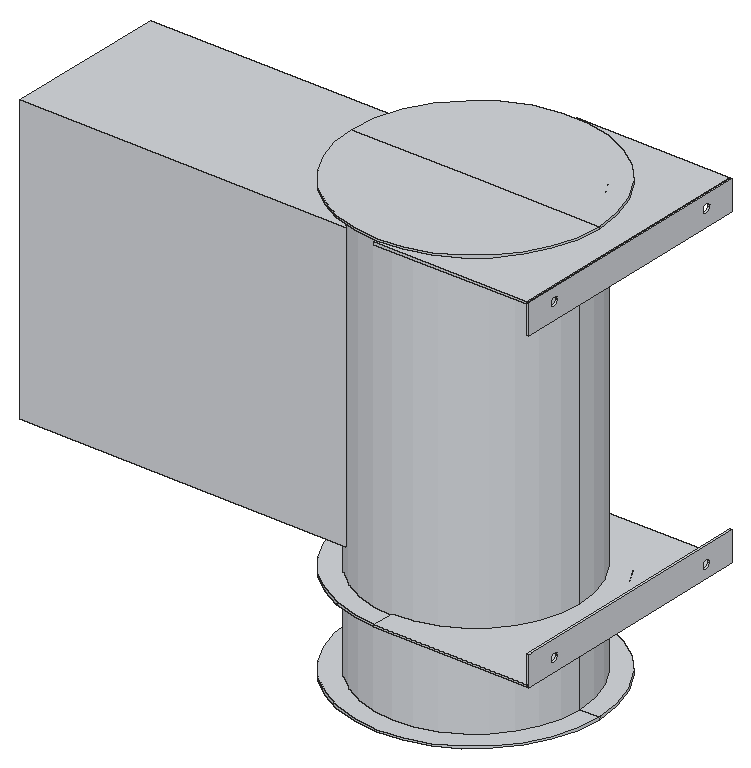
Revit family "AFBV-S_Vertical_Wall_Mount", category Mechanical Equipment, Revit 2019
Family settings
  Round Connector Dimension = Use Radius
  Part Type = Normal
  Work Plane-Based = No
  Always vertical = Yes
  Cut with Voids When Loaded = No
  Shared = No
  Room Calculation Point = No
Parameters (values of type "12_AFBV-S_VERT_WALL")
  VANE = 0' - 6"
  Unit Weight [instance] = ""
  P/2 = P / 2  # 0' - 0 9/32"
  P = 0' - 0 9/16"  # constant formula
  N = 0' - 6"
  ModelID [instance] = ""
  M/2 = M / 2  # 0' - 8"
  M = 1' - 4"
  L = 0' - 0 15/16"
  K/2 = K / 2  # 0' - 10 1/16"
  K = 1' - 8 1/8"
  J-.125" = J - 0' 0 1/8"  # 0' - 9 5/8"
  J-(C/2) = J - (C / 2)  # 0' - 2 7/16"
  J = 0' - 9 3/4"
  H-(A/2) = H - (A / 2)  # 1' - 6 3/16"
  H+J = H + J  # 2' - 10 3/8"
  H = 2' - 0 5/8"
  Sones [instance] = ""
  Motor RPM [instance] = ""
  Motor Enclosure [instance] = ""
  LwA [instance] = ""
  G = 6' - 0"
  Fan RPM [instance] = ""
  F/2 = F / 2  # 0' - 0 5/32"
  F = 0' - 0 5/16"
  E/2 = E / 2  # 0' - 11"
  E-2" = -(E - 0' 2")  # -1' - 8"
  E = 1' - 10"
  C/2+J = C / 2 + J  # 1' - 5 1/16"
  C/2 = C / 2  # 0' - 7 5/16"
  C = 1' - 2 5/8"
  B/2 = B / 2  # 0' - 7 13/16"
  B = 1' - 3 5/8"
  Accessories [instance] = ""
  A/3 = A / 2.5  # 0' - 5.15"
  A/2 = A / 2  # 0' - 6 7/16"
  A = 1' - 0 7/8"
  60 = 60.00°  # constant formula
  30 = 30.00°  # constant formula
  3" = 0' - 3"  # constant formula
  Brake Hp [instance] = ""
  4" = 0' - 4"  # constant formula
  2L = 2 * L  # 0' - 1 7/8"
  2' = 2' - 0"
  2" = 0' - 2"  # constant formula
  1" = 0' - 1"  # constant formula
  0 = 0' - 0"  # constant formula
  Voltage [instance] = 0 V
  URL = "www.lorencook.com"
  Type Comments = "Tube Axial Fan Vertical Wall Mount Stainless Steel Construction Belt Drive Arrangement 9"  # constant formula
  Static Pressure [instance] = 0.00 in-wg
  Power [instance] = Voltage * Motor FLA * sqrt(if(Phase = 3, 3, 1))  # 0 VA
  Phase [instance] = 0
  Number of Poles [instance] = 1
  Motor Hp [instance] = "0"
  Motor FLA [instance] = 0 A
  Model = "AFBV-S"  # constant formula
  Manufacturer = "Loren Cook Company"
  CFM [instance] = 0 CFM
  1.5 = 0' - 1 1/2"  # constant formula
  ONE EIGTH = 0' - 0 1/8"  # constant formula
  -E/2 = -E / 2  # -0' - 11"
  -(E-.25")/2 = -(E - 0' 0 1/4") / 2  # -0' - 10 7/8"
  (H-(A/2))/2 = (H - (A / 2)) / 2  # 0' - 9 3/32"
  (E-.25")/2 = (E - 0' 0 1/4") / 2  # 0' - 10 7/8"
  (A+.25")/2 = (A + 0' 0 1/4") / 2  # 0' - 6 9/16"
Types (10): name | VANE | N | M/2 | M | K/2 | K | J-.125" | J-(C/2) | J | H-(A/2) | H+J | H | F/2 | F | E/2 | E-2" | E | C/2+J | C/2 | C | B/2 | B | A/3 | A/2 | A | -E/2 | -(E-.25")/2 | (H-(A/2))/2 | (E-.25")/2 | (A+.25")/2
  (no name) | 0' - 6" | 0' - 6" | 0' - 8" | 1' - 4" | 0' - 10 1/16" | 1' - 8 1/8" | 0' - 9 5/8" | 0' - 2 7/16" | 0' - 9 3/4" | 1' - 6 3/16" | 2' - 10 3/8" | 2' - 0 5/8" | 0' - 0 5/32" | 0' - 0 5/16" | 0' - 11" | -1' - 8" | 1' - 10" | 1' - 5 1/16" | 0' - 7 5/16" | 1' - 2 5/8" | 0' - 7 13/16" | 1' - 3 5/8" | 0' - 5.15" | 0' - 6 7/16" | 1' - 0 7/8" | -0' - 11" | -0' - 10 7/8" | 0' - 9 3/32" | 0' - 10 7/8" | 0' - 6 9/16"
  12_AFBV-S_VERT_WALL | 0' - 6" | 0' - 6" | 0' - 8" | 1' - 4" | 0' - 10 1/16" | 1' - 8 1/8" | 0' - 9 5/8" | 0' - 2 7/16" | 0' - 9 3/4" | 1' - 6 3/16" | 2' - 10 3/8" | 2' - 0 5/8" | 0' - 0 5/32" | 0' - 0 5/16" | 0' - 11" | -1' - 8" | 1' - 10" | 1' - 5 1/16" | 0' - 7 5/16" | 1' - 2 5/8" | 0' - 7 13/16" | 1' - 3 5/8" | 0' - 5.15" | 0' - 6 7/16" | 1' - 0 7/8" | -0' - 11" | -0' - 10 7/8" | 0' - 9 3/32" | 0' - 10 7/8" | 0' - 6 9/16"
  16_AFBV-S_VERT_WALL | 0' - 10" | 0' - 8" | 0' - 10" | 1' - 8" | 0' - 11 9/16" | 1' - 11 1/8" | 0' - 11 5/8" | 0' - 2 7/16" | 0' - 11 3/4" | 1' - 9 11/16" | 3' - 5 7/8" | 2' - 6 1/8" | 0' - 0 5/32" | 0' - 0 5/16" | 1' - 0 1/2" | -1' - 11" | 2' - 1" | 1' - 9 1/16" | 0' - 9 5/16" | 1' - 6 5/8" | 0' - 9 13/16" | 1' - 7 5/8" | 0' - 6 3/4" | 0' - 8 7/16" | 1' - 4 7/8" | -1' - 0 1/2" | -1' - 0 3/8" | 0' - 10 27/32" | 1' - 0 3/8" | 0' - 8 9/16"
  24_AFBV-S_VERT_WALL | 1' - 1" | 1' - 0 1/4" | 1' - 2 1/4" | 2' - 4 1/2" | 1' - 2 9/16" | 2' - 5 1/8" | 1' - 3 7/8" | 0' - 2 9/16" | 1' - 4" | 2' - 3 7/16" | 4' - 7 7/8" | 3' - 3 7/8" | 0' - 0 7/32" | 0' - 0 7/16" | 1' - 3 1/2" | -2' - 5" | 2' - 7" | 2' - 5 7/16" | 1' - 1 7/16" | 2' - 2 7/8" | 1' - 2 9/16" | 2' - 5 1/8" | 0' - 9.95" | 1' - 0 7/16" | 2' - 0 7/8" | -1' - 3 1/2" | -1' - 3 3/8" | 1' - 1 23/32" | 1' - 3 3/8" | 1' - 0 9/16"
  28_AFBV-S_VERT_WALL | 1' - 1" | 1' - 2 1/4" | 1' - 4 1/4" | 2' - 8 1/2" | 1' - 2 9/16" | 2' - 5 1/8" | 1' - 5 7/8" | 0' - 2 9/16" | 1' - 6" | 2' - 3 7/16" | 4' - 11 7/8" | 3' - 5 7/8" | 0' - 0 7/32" | 0' - 0 7/16" | 1' - 3 1/2" | -2' - 5" | 2' - 7" | 2' - 9 7/16" | 1' - 3 7/16" | 2' - 6 7/8" | 1' - 4 9/16" | 2' - 9 1/8" | 0' - 11.55" | 1' - 2 7/16" | 2' - 4 7/8" | -1' - 3 1/2" | -1' - 3 3/8" | 1' - 1 23/32" | 1' - 3 3/8" | 1' - 2 9/16"
  32_AFBV-S_VERT_WALL | 1' - 3" | 1' - 4 5/16" | 1' - 6 5/16" | 3' - 0 5/8" | 1' - 4 1/16" | 2' - 8 1/8" | 1' - 8" | 0' - 2 5/8" | 1' - 8 1/8" | 2' - 4 3/4" | 5' - 5 3/8" | 3' - 9 1/4" | 0' - 0 7/32" | 0' - 0 7/16" | 1' - 5" | -2' - 8" | 2' - 10" | 3' - 1 5/8" | 1' - 5 1/2" | 2' - 11" | 1' - 6 5/8" | 3' - 1 1/4" | 1' - 1.2" | 1' - 4 1/2" | 2' - 9" | -1' - 5" | -1' - 4 7/8" | 1' - 2 3/8" | 1' - 4 7/8" | 1' - 4 5/8"
  36_AFBV-S_VERT_WALL | 1' - 4" | 1' - 6 5/16" | 1' - 8 5/16" | 3' - 4 5/8" | 1' - 4 1/16" | 2' - 8 1/8" | 1' - 10" | 0' - 2 5/8" | 1' - 10 1/8" | 2' - 4 3/4" | 5' - 9 3/8" | 3' - 11 1/4" | 0' - 0 7/32" | 0' - 0 7/16" | 1' - 5" | -2' - 8" | 2' - 10" | 3' - 5 5/8" | 1' - 7 1/2" | 3' - 3" | 1' - 8 11/16" | 3' - 5 3/8" | 1' - 2.8" | 1' - 6 1/2" | 3' - 1" | -1' - 5" | -1' - 4 7/8" | 1' - 2 3/8" | 1' - 4 7/8" | 1' - 6 5/8"
  18_AFBV-S_VERT_WALL | 0' - 11" | 0' - 9" | 0' - 11" | 1' - 10" | 0' - 11 9/16" | 1' - 11 1/8" | 1' - 0 5/8" | 0' - 2 7/16" | 1' - 0 3/4" | 1' - 9 11/16" | 3' - 7 7/8" | 2' - 7 1/8" | 0' - 0 5/32" | 0' - 0 5/16" | 1' - 0 1/2" | -1' - 11" | 2' - 1" | 1' - 11 1/16" | 0' - 10 5/16" | 1' - 8 5/8" | 0' - 10 13/16" | 1' - 9 5/8" | 0' - 7.55" | 0' - 9 7/16" | 1' - 6 7/8" | -1' - 0 1/2" | -1' - 0 3/8" | 0' - 10 27/32" | 1' - 0 3/8" | 0' - 9 9/16"
  14_AFBV-S_VERT_WALL | 0' - 8" | 0' - 7" | 0' - 9" | 1' - 6" | 0' - 10 1/16" | 1' - 8 1/8" | 0' - 10 5/8" | 0' - 2 7/16" | 0' - 10 3/4" | 1' - 6 3/16" | 3' - 0 3/8" | 2' - 1 5/8" | 0' - 0 5/32" | 0' - 0 5/16" | 0' - 11" | -1' - 8" | 1' - 10" | 1' - 7 1/16" | 0' - 8 5/16" | 1' - 4 5/8" | 0' - 8 13/16" | 1' - 5 5/8" | 0' - 5.95" | 0' - 7 7/16" | 1' - 2 7/8" | -0' - 11" | -0' - 10 7/8" | 0' - 9 3/32" | 0' - 10 7/8" | 0' - 7 9/16"
  20_AFBV-S_VERT_WALL | 1' - 0" | 0' - 10 1/2" | 1' - 0 1/4" | 2' - 0 1/2" | 1' - 2 9/16" | 2' - 5 1/8" | 1' - 1 7/8" | 0' - 2 13/16" | 1' - 2" | 1' - 9 11/16" | 3' - 10 1/8" | 2' - 8 1/8" | 0' - 0 5/32" | 0' - 0 5/16" | 1' - 3 1/2" | -2' - 5" | 2' - 7" | 2' - 1 3/16" | 0' - 11 3/16" | 1' - 10 3/8" | 0' - 11 13/16" | 1' - 11 5/8" | 0' - 8.35" | 0' - 10 7/16" | 1' - 8 7/8" | -1' - 3 1/2" | -1' - 3 3/8" | 0' - 10 27/32" | 1' - 3 3/8" | 0' - 10 9/16"
Reference planes (in)
  plane 1 "Center (Front/Back)": y = 0
  plane 2: z = 0
  plane 3 "Center (Left/Right)": x = 0.40541
Forms (in)
  Revolve 1, solid
    sketch origin (0, 0, 0) x (1, 0, 0) y (0, 0, 1)
      loop
        line (0.40541, -11) -> (8.21791, -11) -> (8.21791, -10.875) -> (6.96791, -10.875) -> (6.96791, 10.875) -> (8.21791, 10.875) -> (8.21791, 11) -> (0.40541, 11) -> (0.40541, -11)
      axis (0.40541, 11) -> (0.40541, -11)
    angle from 0 to 360
  Extrusion 2, solid
    sketch origin (0.40541, 0, 11) x (1, 0, 0) y (0, 1, 0)
      loop
        line (-4.06742, 5.15) -> (-24.625, 5.15) -> (-24.625, -5.15) -> (-4.06742, -5.15)
        arc (-4.06742, -5.15) -> (-6.5625, 0) -> (-4.06742, 5.15) r 6.5625
    from -20 <- "E-2"" to -2
  Extrusion 3, solid
    sketch origin (0.40541, 0, 0) x (0, 1, 0) y (0, 0, 1)
      loop
        line (-8, 10.875) -> (-8, 9) -> (8, 9) -> (8, 10.875) -> (-8, 10.875)
      loop
        line (8, -9) -> (-8, -9) -> (-8, -10.875) -> (8, -10.875) -> (8, -9)
      loop
        circle (-6, 10.0625) r 0.28125
      loop
        circle (6, 10.0625) r 0.28125
      loop
        circle (6, -10.0625) r 0.28125
      loop
        circle (-6, -10.0625) r 0.28125
    from 9.75 <- "J" to 9.625 <- "J-.125""
  Extrusion 4, solid
    sketch origin (0.40541, -8, 10.875) x (0, 1, 0) y (-1, 0, 0)
      loop
        line (0, -9.625) -> (16, -9.625) -> (16, 0) -> (14.5625, 0)
        arc (14.5625, 0) -> (8, -6.5625) -> (1.4375, 0) r 6.5625
        line (1.4375, 0) -> (0, 0) -> (0, -9.625)
    from 0 to -0.125
  Extrusion 5, solid
    sketch origin (0.40541, -8, -10.875) x (1, 0, 0) y (0, -1, 0)
      loop
        line (0, -14.5625) -> (0, -16) -> (9.625, -16) -> (9.625, 0) -> (0, 0) -> (0, -1.4375)
        arc (0, -1.4375) -> (6.5625, -8) -> (0, -14.5625) r 6.5625
    from 0 to -0.125
  Revolve 6, solid
    sketch origin (0, 0, 0) x (1, 0, 0) y (0, 0, 1)
      loop
        line (8.21791, -10.875) -> (6.84291, -10.875) -> (6.84291, -16.875) -> (8.21791, -16.875) -> (8.21791, -16.75) -> (6.96791, -16.75) -> (6.96791, -11) -> (8.21791, -11) -> (8.21791, -10.875)
      axis (0.40541, -16.875) -> (0.40541, -10.875)
    angle from 0 to 360
Dimensions and locks (in)
  "0": Revolve 1 sketch curve to plane 3 "Center (Left/Right)"  (x2)
  "E/2": Revolve 1 sketch curve to level
  "ONE EIGTH": Revolve 1 sketch curve to Revolve 1 sketch curve  (x2)
  "(A+.25")/2": Revolve 1 sketch curve to Revolve 1 sketch curve
  "B/2": Revolve 1 sketch curve to Revolve 1 sketch curve
  "E": Revolve 1 sketch curve to Revolve 1 sketch curve
  "B/2": Revolve 1 sketch curve to plane 3 "Center (Left/Right)"
  "A/3": plane 1 "Center (Front/Back)" to Extrusion 2 sketch curve
  "A/3": Extrusion 2 sketch curve to plane 1 "Center (Front/Back)"
  "H": Extrusion 2 sketch curve to plane 3 "Center (Left/Right)"
  "0": Extrusion 2 sketch curve to plane 3 "Center (Left/Right)"
  "0": Extrusion 2 sketch curve to plane 1 "Center (Front/Back)"
  "0": Revolve 1 to Extrusion 3 sketch curve  (x2)
  "M/2": Extrusion 3 sketch curve to plane 1 "Center (Front/Back)"
  "M/2": plane 1 "Center (Front/Back)" to Extrusion 3 sketch curve
  "0": Extrusion 3 sketch curve to Extrusion 3 sketch curve  (x2)
  "2L": Revolve 1 to Extrusion 3 sketch curve
  "2L": Extrusion 3 sketch curve to Revolve 1
  "N": Extrusion 3 sketch curve to plane 1 "Center (Front/Back)"  (x4)
  "K/2": Extrusion 3 sketch curve to level  (x4)
  "0": Extrusion 4 sketch curve to plane 3 "Center (Left/Right)"  (x3)
  "0": Extrusion 4 sketch curve to plane 1 "Center (Front/Back)"
  "0": Extrusion 4 sketch curve to Extrusion 3  (x2)
  "0": Extrusion 3 to Extrusion 4 sketch curve
  "0": Extrusion 5 sketch curve to plane 3 "Center (Left/Right)"  (x3)
  "0": Extrusion 5 sketch curve to Extrusion 4  (x3)
  "0": Extrusion 5 sketch curve to plane 1 "Center (Front/Back)"
  "0": Revolve 6 sketch curve to plane 3 "Center (Left/Right)"
  "(A+.25")/2": Revolve 6 sketch curve to plane 3 "Center (Left/Right)"
  "B/2": Revolve 6 sketch curve to plane 3 "Center (Left/Right)"  (x2)
  "ONE EIGTH": Revolve 6 sketch curve to Revolve 6 sketch curve  (x3)
  "VANE": Revolve 6 sketch curve to Revolve 6 sketch curve
  "0": Extrusion 5 to Revolve 6 sketch curve
  "(A+.25")/2": radius of Extrusion 2 sketch curve
  "P/2": radius of Extrusion 3 sketch curve  (x4)
  "(A+.25")/2": radius of Extrusion 4 sketch curve
  "(A+.25")/2": radius of Extrusion 5 sketch curve
Automatic sketch dimensions
  Revolve 1 sketch curve to level = 0' - 0"
  Revolve 1 sketch curve to Revolve 1 sketch curve = 0' - 2"
  Extrusion 2 sketch curve to Extrusion 2 sketch curve = 0' - 0"
  Revolve 6 sketch curve to Revolve 6 sketch curve = 0' - 8 11/32"
  Revolve 6 sketch curve to Revolve 6 sketch curve = 0' - 0 11/32"
Connectors (in)
  hvac at (0.40541, 0, 11), driven by "A/2"
    settings: on Revolve 1, index 2, duct flow 0 CFM, flow factor 0, pres drop 0.00 in-wg, loss coef 0, conn angle 0.00°, conn width 12", conn height 12", conn diameter 12 7/8", duct sys type 29, conn prof type 0, flow config 0, flow direction 1, loss method 0, conn ref index -1, conn util no, is conn primary yes, conn desc ""
  electrical at (-13.9408, -5.15, 0)
    settings: on Extrusion 2, index 3, voltage 0 V, apparent load 0 VA, apparent load phase1 0 VA, apparent load phase2 0 VA, apparent load phase3 0 VA, power factor 1, load classification "Other", number of poles 1, system type 30, power factor state 1, is connector primary yes, connector utility no, sub classification motor no, connector description ""
  hvac at (0.40541, 0, -16.875), driven by "A/2"
    settings: on Revolve 6, index 4, duct flow 0 CFM, flow factor 0, pres drop 0.00 in-wg, loss coef 0, conn angle 0.00°, conn width 12", conn height 12", conn diameter 12 7/8", duct sys type 29, conn prof type 0, flow config 0, flow direction 2, loss method 0, conn ref index -1, conn util no, is conn primary no, conn desc ""
